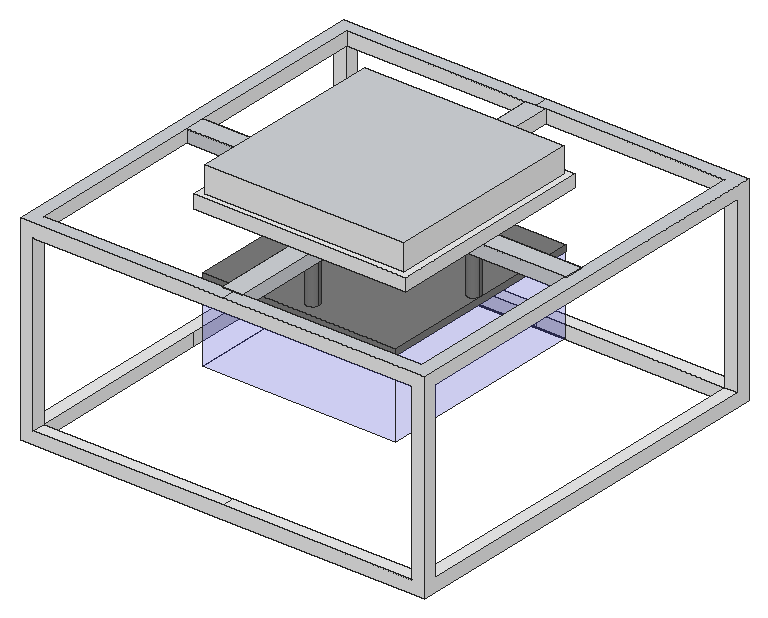
Revit family "Zephyr", category Lighting Fixtures, host Ceiling, Revit 2020
Family settings
  Host = Ceiling
  Round Connector Dimension = Use Diameter
  Part Type = Normal
  OmniClass Number = 23.80.70.11
  OmniClass Title = Luminaries for Internal Lighting
  Always vertical = Yes
  Cut with Voids When Loaded = No
  Light Source = Yes
  Shared = No
  Room Calculation Point = No
Parameters
  Width = 0
  Wattage = 12.1178 W
  WarrantyPeriod = 0
  WarrantyGuarantorParts = ""
  WarrantyGuarantorLabor = ""
  WarrantyDurationParts = 0
  WarrantyDurationLabor = 0
  WarrantyDescription = ""
  WarrantyContent = ""
  built-in parameter 1150110 = 1 (stored number, unit not read)
  VisibleLightTransmittance = ""
  built-in parameter 1114217 = 1 (stored number, unit not read)
  built-in parameter 1150109 = 1 (stored number, unit not read)
  built-in parameter 1150134 = (empty or 0)
  built-in parameter 1150113 = 1 (stored number, unit not read)
  Size = ""
  Shape = ""
  ReplacementCost = 0
  Reference = ""
  Overall Lamp Height = 0' - 9 1/4"
  NominalWidth = 0
  NominalLength = 0
  NominalHeight = 0
  ModelReference = ""
  ModelLabel = ""
  MaterialFrame = ""
  Material = ""
  Lumens = 1800 lm
  built-in parameter 1150115 = 1 (stored number, unit not read)
  built-in parameter 1150105 = 143.24 (stored number, unit not read)
  Light Source Symbol Size = 2' - 0"
  built-in parameter 1150137 = (empty or 0)
  built-in parameter 1150139 = (empty or 0)
  Lamp Width = 1' - 3 3/4"
  built-in parameter 1150112 = 1 (stored number, unit not read)
  built-in parameter 1150114 = 1 (stored number, unit not read)
  IsExtendedWarranty = 0
  built-in parameter 1150132 = 2
  built-in parameter 1150102 = (empty or 0)
  built-in parameter 1150138 = (empty or 0)
  built-in parameter 1150107 = 3000 (stored number, unit not read)
  built-in parameter 1150106 = 1.4324 (stored number, unit not read)
  Height = 0
  GlobalTradeItemNumber = ""
  Finish = ""
  Features = ""
  ExpectedLife = ""
  built-in parameter 1150104 = 13.8 (stored number, unit not read)
  DurabilityRating = ""
  Dimming Lamp Color Temperature Shift = <None>
  Default Elevation = 0' - 0"
  CreatedBy = ""
  ConstructionMethod = ""
  Color Filter = 16777215
  Color = ""
  CodePerformance = ""
  CoatingFrame = ""
  BatchReference = ""
  BarCode = 0
  built-in parameter 1114218 = 1 (stored number, unit not read)
  built-in parameter 1150133 = 10 (stored number, unit not read)
  AssemblyPlace = ""
  ArticleNumber = ""
  Area = 0
  AccessibilityPerformance = ""
Reference planes (in)
  plane 1 "Light Source Axis (F/B)": y = 0
  plane 2 "Ceiling": z = 96
  plane 3 "Light Source Axis (L/R)": x = 0
  plane 4 "Light Source Elevation": z = 90.625
  plane 5: z = 94.5
  plane 6: z = 86.75
  plane 7: z = 92.3897
  plane 8: x = -7.875
  plane 9: x = 7.875
Forms (in)
  Extrusion 1, solid
    sketch origin (0, 7.875, 2.5) x (1, 0, 0) y (0, 0, 1)
      loop
        line (-7.875, 84.25) -> (0, 84.25) -> (7.875, 84.25) -> (7.875, 92) -> (0, 92) -> (-7.875, 92) -> (-7.875, 84.25)
      loop
        line (-7.375, 91.5) -> (-7.375, 84.75) -> (0, 84.75) -> (7.375, 84.75) -> (7.375, 91.5) -> (0, 91.5) -> (-7.375, 91.5)
    from 0 to 15.75
  Extrusion 2, void
    sketch origin (-9.875, 1.875, 2.5) x (0, 1, 0) y (0, 0, 1)
      loop
        line (5.5, 84.75) -> (5.5, 91.5) -> (-9.25, 91.5) -> (-9.25, 84.75) -> (5.5, 84.75)
    from 17.25 to 17.75
  Extrusion 3, void
    sketch origin (9.875, 1.875, 2.5) x (0, 1, 0) y (0, 0, -1)
      loop
        line (5.5, -84.75) -> (-9.25, -84.75) -> (-9.25, -91.5) -> (5.5, -91.5) -> (5.5, -84.75)
    from 17.25 to 17.75
  Extrusion 4, solid
    sketch origin (-9, 9.75, 94.5) x (1, 0, 0) y (0, 1, 0)
      loop
        line (1.625, -9.25) -> (1.625, -10.25) -> (8.5, -10.25) -> (8.5, -17.125) -> (9.5, -17.125) -> (9.5, -10.25) -> (16.375, -10.25) -> (16.375, -9.25) -> (9.5, -9.25) -> (9.5, -2.375) -> (8.5, -2.375) -> (8.5, -9.25) -> (1.625, -9.25)
    from -0.5 to 0
  Extrusion 5, solid
    sketch origin (-5.24819, 3.875, -14.25) x (1, 0, 0) y (0, 0, 1)
      loop
        line (1.37319, 109.25) -> (9.12319, 109.25) -> (9.12319, 110.25) -> (1.37319, 110.25) -> (1.37319, 109.25)
    from 0 to 7.75
  Extrusion 6, solid
    sketch origin (-5.97091, 4.10145, -14.25) x (1, 0, 0) y (0, 0, 1)
      loop
        line (10.09591, 108.75) -> (10.09591, 109.25) -> (1.84591, 109.25) -> (1.84591, 108.75) -> (10.09591, 108.75)
    from -0.02355 to 8.22645
  Extrusion 7, void
    sketch origin (-9, 6, 94.5) x (1, 0, 0) y (0, 1, 0)
      loop
        line (1.625, 1.375) -> (1.625, -5.625) -> (8.625, -5.625) -> (8.625, 1.375) -> (1.625, 1.375)
      loop
        line (16.375, 1.375) -> (9.375, 1.375) -> (9.375, -5.625) -> (16.375, -5.625) -> (16.375, 1.375)
      loop
        line (16.375, -13.375) -> (16.375, -6.375) -> (9.375, -6.375) -> (9.375, -13.375) -> (16.375, -13.375)
      loop
        line (1.625, -13.375) -> (8.625, -13.375) -> (8.625, -6.375) -> (1.625, -6.375) -> (1.625, -13.375)
    from -0.5 to 0
  Extrusion 8, void
    sketch origin (-9, 6, 86.75) x (0, -1, 0) y (1, 0, 0)
      loop
        line (-1.375, 1.625) -> (6.0803, 1.625) -> (13.375, 1.625) -> (13.375, 8.81774) -> (13.375, 16.375) -> (5.68815, 16.375) -> (-1.375, 16.375) -> (-1.375, 9) -> (-1.375, 1.625)
    from 0 to 0.5
  Extrusion 9, solid
    sketch origin (-9, 6, 94.5) x (1, 0, 0) y (0, 1, 0)
      loop
        circle (9, -2.52084) r 0.25
      loop
        circle (9, -9.47916) r 0.25
      loop
        circle (12.47916, -6) r 0.25
      loop
        circle (5.52084, -6) r 0.25
    from -2.1103 to -0.5
  Extrusion 10, solid
    sketch origin (6.3436, 11.7281, 1.6397) x (1, 0, 0) y (0, 0, 1)
      loop
        line (-10.0936, 87.4706) -> (-2.5936, 87.4706) -> (-2.5936, 90.5) -> (-10.0936, 90.5) -> (-10.0936, 87.4706)
    from 7.6031 to 15.8531
  Extrusion 11, solid
    sketch origin (-5.75582, 4.99165, -15.5) x (1, 0, 0) y (0, 0, 1)
      loop
        line (9.50582, 107.6397) -> (9.50582, 107.8897) -> (2.00582, 107.8897) -> (2.00582, 107.6397) -> (9.50582, 107.6397)
    from 0.86665 to 9.11665
Cuts and joins
  Extrusion 2, Extrusion 3, Extrusion 7, Extrusion 8 cuts Extrusion 1
  Extrusion 7, Extrusion 8 cuts Extrusion 4
  Extrusion 7 cuts Extrusion 5
  Extrusion 7, Extrusion 8 cuts Extrusion 6
Text (in)
  text "0 Tilt Angle" at (-58.35608, 9.29162, 84), in view "Ref. Level"
  text "180 Tilt Angle" at (25.71096, 9.29162, 84), in view "Ref. Level"
Dimensions and locks (in)
  equal spacing: host sketch curve, plane 3 "Light Source Axis (L/R)", host sketch curve
  equal spacing: host sketch curve, plane 1 "Light Source Axis (F/B)", host sketch curve
  host sketch curve to host sketch curve = 10' - 0"  (x2)
  "Overall Lamp Height": plane 2 "Ceiling" to plane 6
  "Lamp Width": plane 8 to plane 9
  equal spacing: plane 8, plane 3 "Light Source Axis (L/R)", plane 9
  locked: plane 5 to plane 6 at 7.75
  plane 5 to plane 7 = 0' - 2.1103"
  plane 7 to plane 4 "Light Source Elevation" = 0' - 1.7647"
  plane 4 "Light Source Elevation" to plane 6 = 0' - 3 7/8"
  aligned and locked: plane 3 "Light Source Axis (L/R)" to imposter light
  aligned and locked: plane 1 "Light Source Axis (F/B)" to imposter light
  aligned and locked: plane 4 "Light Source Elevation" to imposter light
  aligned and locked: plane 8 to Extrusion 1
  aligned and locked: Extrusion 1 to plane 9
Automatic sketch dimensions
  Extrusion 1 sketch curve to plane 5 = 0' - 0"
  plane 8 to Extrusion 1 sketch curve = 0' - 0"
  Extrusion 1 sketch curve to plane 3 "Light Source Axis (L/R)" = 0' - 0"  (x4)
  plane 9 to Extrusion 1 sketch curve = 0' - 0"
  Extrusion 1 sketch curve to plane 6 = 0' - 0"
  Extrusion 1 sketch curve to plane 8 = 0' - 0 1/2"
  plane 9 to Extrusion 1 sketch curve = 0' - 0 1/2"
  Extrusion 1 sketch curve to Extrusion 1 sketch curve = 0' - 0 1/2"
  Extrusion 1 sketch curve to plane 5 = 0' - 0 1/2"
  Extrusion 2 sketch curve to plane 6 = 0' - 0 1/2"
  plane 1 "Light Source Axis (F/B)" to Extrusion 2 sketch curve = 0' - 7 3/8"
  Extrusion 2 sketch curve to plane 5 = 0' - 0 1/2"
  Extrusion 2 sketch curve to plane 1 "Light Source Axis (F/B)" = 0' - 7 3/8"
  Extrusion 3 sketch curve to plane 6 = 0' - 0 1/2"
  plane 1 "Light Source Axis (F/B)" to Extrusion 3 sketch curve = 0' - 7 3/8"
  Extrusion 3 sketch curve to plane 5 = 0' - 0 1/2"
  Extrusion 3 sketch curve to plane 1 "Light Source Axis (F/B)" = 0' - 7 3/8"
  Extrusion 4 sketch curve to plane 8 = 0' - 0 1/2"
  Extrusion 4 sketch curve to plane 3 "Light Source Axis (L/R)" = 0' - 0 1/2"  (x2)
  plane 3 "Light Source Axis (L/R)" to Extrusion 4 sketch curve = 0' - 0 1/2"  (x2)
  plane 9 to Extrusion 4 sketch curve = 0' - 0 1/2"
  plane 1 "Light Source Axis (F/B)" to Extrusion 4 sketch curve = 0' - 7 3/8"
  plane 1 "Light Source Axis (F/B)" to Extrusion 4 sketch curve = 0' - 0 1/2"  (x2)
  Extrusion 4 sketch curve to plane 1 "Light Source Axis (F/B)" = 0' - 0 1/2"  (x2)
  Extrusion 4 sketch curve to Extrusion 4 sketch curve = 0' - 6 7/8"
  Extrusion 5 sketch curve to plane 2 "Ceiling" = 0' - 0"
  Extrusion 5 sketch curve to plane 3 "Light Source Axis (L/R)" = 0' - 3 7/8"
  plane 3 "Light Source Axis (L/R)" to Extrusion 5 sketch curve = 0' - 3 7/8"
  plane 5 to Extrusion 5 sketch curve = 0' - 0 1/2"
  Extrusion 6 sketch curve to plane 5 = 0' - 0"
  Extrusion 6 sketch curve to plane 8 = 0' - 3 3/4"
  plane 9 to Extrusion 6 sketch curve = 0' - 3 3/4"
  Extrusion 6 sketch curve to Extrusion 6 sketch curve = 0' - 0 1/2"
  Extrusion 7 sketch curve to plane 8 = 0' - 0 1/2"  (x2)
  Extrusion 7 sketch curve to plane 3 "Light Source Axis (L/R)" = 0' - 0 3/8"  (x2)
  plane 3 "Light Source Axis (L/R)" to Extrusion 7 sketch curve = 0' - 0 3/8"  (x2)
  plane 9 to Extrusion 7 sketch curve = 0' - 0 1/2"  (x2)
  plane 1 "Light Source Axis (F/B)" to Extrusion 7 sketch curve = 0' - 7 3/8"
  Extrusion 7 sketch curve to Extrusion 7 sketch curve = 0' - 0"  (x2)
  plane 1 "Light Source Axis (F/B)" to Extrusion 7 sketch curve = 0' - 0 3/8"  (x2)
  Extrusion 7 sketch curve to plane 1 "Light Source Axis (F/B)" = 0' - 0 3/8"  (x2)
  Extrusion 7 sketch curve to Extrusion 7 sketch curve = 0' - 7"
  Extrusion 8 sketch curve to plane 3 "Light Source Axis (L/R)" = 0' - 0"
  Extrusion 8 sketch curve to plane 8 = 0' - 0 1/2"
  Extrusion 8 sketch curve to plane 1 "Light Source Axis (F/B)" = 0' - 7 3/8"
  Extrusion 8 sketch curve to plane 1 "Light Source Axis (F/B)" = 0' - 0.31185"
  plane 1 "Light Source Axis (F/B)" to Extrusion 8 sketch curve = 0' - 0.0803"
  plane 9 to Extrusion 8 sketch curve = 0' - 0 1/2"
  plane 1 "Light Source Axis (F/B)" to Extrusion 8 sketch curve = 0' - 7 3/8"
  Extrusion 8 sketch curve to plane 3 "Light Source Axis (L/R)" = 0' - 0.18226"
  plane 1 "Light Source Axis (F/B)" to Extrusion 9 sketch curve = 0' - 0"  (x2)
  Extrusion 9 sketch curve to plane 3 "Light Source Axis (L/R)" = 0' - 0"  (x2)
  Extrusion 9 sketch curve to plane 3 "Light Source Axis (L/R)" = 0' - 3.47916"
  plane 3 "Light Source Axis (L/R)" to Extrusion 9 sketch curve = 0' - 3.47916"
  plane 1 "Light Source Axis (F/B)" to Extrusion 9 sketch curve = 0' - 3.47916"
  Extrusion 9 sketch curve to plane 1 "Light Source Axis (F/B)" = 0' - 3.47916"
  Extrusion 10 sketch curve to plane 4 "Light Source Elevation" = 0' - 1.5147"
  Extrusion 10 sketch curve to plane 3 "Light Source Axis (L/R)" = 0' - 3 3/4"
  plane 3 "Light Source Axis (L/R)" to Extrusion 10 sketch curve = 0' - 3 3/4"
  plane 4 "Light Source Elevation" to Extrusion 10 sketch curve = 0' - 1.5147"
  Extrusion 11 sketch curve to plane 7 = 0' - 0"
  plane 7 to Extrusion 11 sketch curve = 0' - 0 1/4"
  Extrusion 11 sketch curve to plane 3 "Light Source Axis (L/R)" = 0' - 3 3/4"
  plane 3 "Light Source Axis (L/R)" to Extrusion 11 sketch curve = 0' - 3 3/4"
  radius of Extrusion 9 sketch curve = 0' - 0 1/4"  (x4)
Connectors (in)
  electrical at (0, 0, 96)
    settings: on cut or joined group of Extrusion 5, Extrusion 7, index 1, voltage 0 V, apparent load 0 VA, apparent load phase1 0 VA, apparent load phase2 0 VA, apparent load phase3 0 VA, power factor 1, load classification "Other", number of poles 1, system type 31, power factor state 1, is connector primary yes, connector utility no, sub classification motor no, connector description ""
